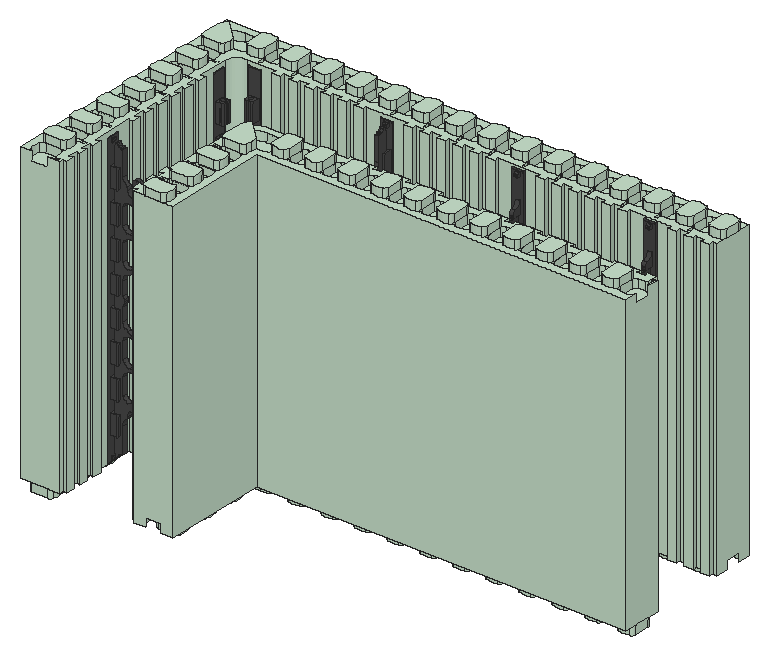
Revit family (continued)
Definition of nested family "NUDURA Logo Diamond"
  Lines and regions (in)
    model lines
      curve 35: line (11.46711, 0, 15.57678) -> (11.82066, 0, 15.22322)
      curve 36: arc (11.3964, 0, 16.00104) -> (11.29388, 0, 15.75355) -> (11.3964, 0, 15.50607) r 0.35
      curve 37: arc (11.46711, 0, 15.93033) -> (11.39388, 0, 15.75355) -> (11.46711, 0, 15.57678) r 0.25
      curve 38: arc (12.52777, 0, 15.93033) -> (12.60099, 0, 15.75355) -> (12.52777, 0, 15.57678) r 0.25
      curve 39: arc (12.17421, 0, 15.22322) -> (11.99744, 0, 15.15) -> (11.82066, 0, 15.22322) r 0.25
      curve 40: arc (11.82066, 0, 16.28388) -> (11.99744, 0, 16.35711) -> (12.17421, 0, 16.28388) r 0.25
      curve 41: arc (12.59848, 0, 16.00104) -> (12.70099, 0, 15.75355) -> (12.59848, 0, 15.50607) r 0.35
      curve 42: line (11.63374, 0, 16.23839) -> (11.3964, 0, 16.00104)
      curve 43: line (12.59848, 0, 16.00104) -> (12.36113, 0, 16.23839)
      curve 44: arc (11.63374, 0, 15.26872) -> (11.74358, 0, 15.00355) -> (11.63374, 0, 14.73839) r 0.375
      curve 45: arc (12.36113, 0, 15.26872) -> (12.2513, 0, 15.00355) -> (12.36113, 0, 14.73839) r 0.375
      curve 46: line (12.36113, 0, 13.76872) -> (12.59848, 0, 14.00607)
      curve 47: line (11.3964, 0, 14.00607) -> (11.63374, 0, 13.76872)
      curve 48: line (11.82066, 0, 14.78388) -> (11.46711, 0, 14.43033)
      curve 49: line (12.52777, 0, 14.43033) -> (12.17421, 0, 14.78388)
      curve 50: line (12.17421, 0, 13.72322) -> (12.52777, 0, 14.07678)
      curve 51: line (11.46711, 0, 14.07678) -> (11.82066, 0, 13.72322)
      curve 52: arc (11.3964, 0, 14.50104) -> (11.29388, 0, 14.25355) -> (11.3964, 0, 14.00607) r 0.35
      curve 53: arc (11.46711, 0, 14.43033) -> (11.39388, 0, 14.25355) -> (11.46711, 0, 14.07678) r 0.25
      curve 54: arc (12.52777, 0, 14.43033) -> (12.60099, 0, 14.25355) -> (12.52777, 0, 14.07678) r 0.25
      curve 55: arc (12.17421, 0, 13.72322) -> (11.99744, 0, 13.65) -> (11.82066, 0, 13.72322) r 0.25
      curve 56: arc (11.82066, 0, 14.78388) -> (11.99744, 0, 14.85711) -> (12.17421, 0, 14.78388) r 0.25
      curve 57: arc (12.59848, 0, 14.50104) -> (12.70099, 0, 14.25355) -> (12.59848, 0, 14.00607) r 0.35
      curve 58: line (11.63374, 0, 14.73839) -> (11.3964, 0, 14.50104)
      curve 59: arc (11.63374, 0, 13.76872) -> (11.74358, 0, 13.50355) -> (11.63374, 0, 13.23839) r 0.375
      curve 60: arc (12.36113, 0, 13.76872) -> (12.2513, 0, 13.50355) -> (12.36113, 0, 13.23839) r 0.375
      curve 61: line (12.78279, 0, 12.81673) -> (12.36113, 0, 13.23839)
      curve 62: line (11.21208, 0, 12.81673) -> (11.28279, 0, 12.74602)
      curve 63: arc (11.82066, 0, 13.28388) -> (11.99744, 0, 13.35711) -> (12.17421, 0, 13.28388) r 0.25
      curve 64: line (12.59848, 0, 0.50607) -> (12.24492, 0, 0.15251)
      curve 65: line (12.36113, 0, 1.23839) -> (12.59848, 0, 1.00104)
      curve 66: line (12.59848, 0, 2.00607) -> (12.36113, 0, 1.76872)
      curve 67: line (12.36113, 0, 2.73839) -> (12.59848, 0, 2.50104)
      curve 68: line (12.59848, 0, 3.50607) -> (12.36113, 0, 3.26872)
      curve 69: line (12.36113, 0, 4.23839) -> (12.59848, 0, 4.00104)
      curve 70: line (12.17421, 0, 4.72322) -> (12.71208, 0, 5.26109)
      curve 71: line (12.71208, 0, 5.26109) -> (12.78279, 0, 5.19038)
      curve 72: line (11.28279, 0, 5.26109) -> (11.82066, 0, 4.72322)
      curve 73: line (11.63374, 0, 4.76872) -> (11.21208, 0, 5.19038)
      curve 74: line (11.3964, 0, 4.00104) -> (11.63374, 0, 4.23839)
      curve 75: line (11.63374, 0, 3.26872) -> (11.3964, 0, 3.50607)
      curve 76: line (11.3964, 0, 2.50104) -> (11.63374, 0, 2.73839)
      curve 77: line (11.63374, 0, 1.76872) -> (11.3964, 0, 2.00607)
      curve 78: line (11.3964, 0, 1.00104) -> (11.63374, 0, 1.23839)
      curve 79: line (11.74995, 0, 0.15251) -> (11.3964, 0, 0.50607)
      curve 80: line (11.82066, 0, 0.22322) -> (11.46711, 0, 0.57678)
      curve 81: line (12.52777, 0, 0.57678) -> (12.17421, 0, 0.22322)
      curve 82: line (12.17421, 0, 1.28388) -> (12.52777, 0, 0.93033)
      curve 83: line (11.46711, 0, 0.93033) -> (11.82066, 0, 1.28388)
      curve 84: arc (11.3964, 0, 0.50607) -> (11.29388, 0, 0.75355) -> (11.3964, 0, 1.00104) r 0.35
      curve 85: arc (11.74995, 0, 0.15251) -> (11.99744, 0, 0.05) -> (12.24492, 0, 0.15251) r 0.35
      curve 86: arc (11.46711, 0, 0.57678) -> (11.39388, 0, 0.75355) -> (11.46711, 0, 0.93033) r 0.25
      curve 87: arc (12.52777, 0, 0.57678) -> (12.60099, 0, 0.75355) -> (12.52777, 0, 0.93033) r 0.25
      curve 88: arc (12.17421, 0, 1.28388) -> (11.99744, 0, 1.35711) -> (11.82066, 0, 1.28388) r 0.25
      curve 89: arc (11.82066, 0, 0.22322) -> (11.99744, 0, 0.15) -> (12.17421, 0, 0.22322) r 0.25
      curve 90: arc (12.59848, 0, 0.50607) -> (12.70099, 0, 0.75355) -> (12.59848, 0, 1.00104) r 0.35
      curve 91: arc (11.63374, 0, 1.23839) -> (11.74358, 0, 1.50355) -> (11.63374, 0, 1.76872) r 0.375
      curve 92: arc (12.36113, 0, 1.23839) -> (12.2513, 0, 1.50355) -> (12.36113, 0, 1.76872) r 0.375
      curve 93: line (12.36113, 0, 2.73839) -> (12.59848, 0, 2.50104)
      curve 94: line (11.3964, 0, 2.50104) -> (11.63374, 0, 2.73839)
      curve 95: line (11.82066, 0, 1.72322) -> (11.46711, 0, 2.07678)
      curve 96: line (12.52777, 0, 2.07678) -> (12.17421, 0, 1.72322)
      curve 97: line (12.17421, 0, 2.78388) -> (12.52777, 0, 2.43033)
      curve 98: line (11.46711, 0, 2.43033) -> (11.82066, 0, 2.78388)
      curve 99: arc (11.3964, 0, 2.00607) -> (11.29388, 0, 2.25355) -> (11.3964, 0, 2.50104) r 0.35
      curve 100: arc (11.46711, 0, 2.07678) -> (11.39388, 0, 2.25355) -> (11.46711, 0, 2.43033) r 0.25
      curve 101: arc (12.52777, 0, 2.07678) -> (12.60099, 0, 2.25355) -> (12.52777, 0, 2.43033) r 0.25
      curve 102: arc (12.17421, 0, 2.78388) -> (11.99744, 0, 2.85711) -> (11.82066, 0, 2.78388) r 0.25
      curve 103: arc (11.82066, 0, 1.72322) -> (11.99744, 0, 1.65) -> (12.17421, 0, 1.72322) r 0.25
      curve 104: arc (12.59848, 0, 2.00607) -> (12.70099, 0, 2.25355) -> (12.59848, 0, 2.50104) r 0.35
      curve 105: line (11.63374, 0, 1.76872) -> (11.3964, 0, 2.00607)
      curve 106: line (12.59848, 0, 2.00607) -> (12.36113, 0, 1.76872)
      curve 107: arc (11.63374, 0, 2.73839) -> (11.74358, 0, 3.00355) -> (11.63374, 0, 3.26872) r 0.375
      curve 108: arc (12.36113, 0, 2.73839) -> (12.2513, 0, 3.00355) -> (12.36113, 0, 3.26872) r 0.375
      curve 109: line (12.36113, 0, 4.23839) -> (12.59848, 0, 4.00104)
      curve 110: line (11.3964, 0, 4.00104) -> (11.63374, 0, 4.23839)
      curve 111: line (11.82066, 0, 3.22322) -> (11.46711, 0, 3.57678)
      curve 112: line (12.52777, 0, 3.57678) -> (12.17421, 0, 3.22322)
      curve 113: line (12.17421, 0, 4.28388) -> (12.52777, 0, 3.93033)
      curve 114: line (11.46711, 0, 3.93033) -> (11.82066, 0, 4.28388)
      curve 115: arc (11.3964, 0, 3.50607) -> (11.29388, 0, 3.75355) -> (11.3964, 0, 4.00104) r 0.35
      curve 116: arc (11.46711, 0, 3.57678) -> (11.39388, 0, 3.75355) -> (11.46711, 0, 3.93033) r 0.25
      curve 117: arc (12.52777, 0, 3.57678) -> (12.60099, 0, 3.75355) -> (12.52777, 0, 3.93033) r 0.25
      curve 118: arc (12.17421, 0, 4.28388) -> (11.99744, 0, 4.35711) -> (11.82066, 0, 4.28388) r 0.25
      curve 119: arc (11.82066, 0, 3.22322) -> (11.99744, 0, 3.15) -> (12.17421, 0, 3.22322) r 0.25
      curve 120: arc (12.59848, 0, 3.50607) -> (12.70099, 0, 3.75355) -> (12.59848, 0, 4.00104) r 0.35
      curve 121: line (11.63374, 0, 3.26872) -> (11.3964, 0, 3.50607)
      curve 122: arc (11.63374, 0, 4.23839) -> (11.74358, 0, 4.50355) -> (11.63374, 0, 4.76872) r 0.375
      curve 123: arc (12.36113, 0, 4.23839) -> (12.2513, 0, 4.50355) -> (12.36113, 0, 4.76872) r 0.375
      curve 124: line (12.78279, 0, 5.19038) -> (12.36113, 0, 4.76872)
      curve 125: line (11.21208, 0, 5.19038) -> (11.28279, 0, 5.26109)
      curve 126: arc (11.82066, 0, 4.72322) -> (11.99744, 0, 4.65) -> (12.17421, 0, 4.72322) r 0.25
      curve 127: line (12.37244, 0, 12.50355) -> (11.62244, 0, 12.50355)
      curve 128: line (12.74744, 0, 5.87855) -> (12.74744, 0, 12.12855)
      curve 129: line (11.24744, 0, 12.12855) -> (11.24744, 0, 5.87855)
      curve 130: line (11.62244, 0, 5.50355) -> (12.37244, 0, 5.50355)
      curve 131: line (12.47232, 0, 12.00355) -> (12.0393, 0, 12.25355)
      curve 132: line (12.47232, 0, 11.50355) -> (12.47232, 0, 12.00355)
      curve 133: line (12.25581, 0, 11.37855) -> (12.47232, 0, 11.50355)
      curve 134: line (12.02256, 0, 11.51322) -> (12.25581, 0, 11.37855)
      curve 135: line (12.22232, 0, 11.62855) -> (12.02256, 0, 11.51322)
      curve 136: line (11.80605, 0, 12.11888) -> (12.22232, 0, 11.87855)
      curve 137: line (12.22232, 0, 11.87855) -> (12.22232, 0, 11.62855)
      curve 138: line (12.0393, 0, 12.25355) -> (11.80605, 0, 12.11888)
      curve 139: line (11.77256, 0, 11.63822) -> (11.97232, 0, 11.75355)
      curve 140: line (11.97232, 0, 11.75355) -> (11.73906, 0, 11.88822)
      curve 141: line (11.73906, 0, 11.88822) -> (11.52256, 0, 11.76322)
      curve 142: line (11.52256, 0, 11.76322) -> (11.52256, 0, 11.26322)
      curve 143: line (11.77256, 0, 11.38822) -> (11.77256, 0, 11.63822)
      curve 144: line (12.18882, 0, 11.14789) -> (11.77256, 0, 11.38822)
      curve 145: line (11.95557, 0, 11.01322) -> (12.18882, 0, 11.14789)
      curve 146: line (11.52256, 0, 11.26322) -> (11.95557, 0, 11.01322)
      curve 147: line (12.31108, 0, 10.60411) -> (11.68379, 0, 10.74458)
      curve 148: line (11.68379, 0, 10.74458) -> (11.68379, 0, 10.51321)
      curve 149: line (11.68379, 0, 10.51321) -> (12.1295, 0, 10.41405)
      curve 150: line (12.1295, 0, 10.41405) -> (11.68379, 0, 10.27358)
      curve 151: line (11.68379, 0, 10.27358) -> (11.68379, 0, 9.8852)
      curve 152: line (11.68379, 0, 9.8852) -> (12.17077, 0, 9.77615)
      curve 153: line (12.17077, 0, 9.77615) -> (12.17077, 0, 9.74472)
      curve 154: line (12.17077, 0, 9.74472) -> (11.86146, 0, 9.80279)
      curve 155: line (11.68379, 0, 9.65536) -> (11.68379, 0, 9.35864)
      curve 156: line (12.07077, 0, 8.74385) -> (12.07077, 0, 8.99996)
      curve 157: line (12.07077, 0, 8.99996) -> (11.68379, 0, 9.08605)
      curve 158: line (11.68379, 0, 9.08605) -> (11.68379, 0, 8.47809)
      curve 159: line (11.91823, 0, 9.06589) -> (12.31108, 0, 8.97792)
      curve 160: line (11.82444, 0, 8.55476) -> (11.82444, 0, 8.79865)
      curve 161: line (11.82444, 0, 8.79865) -> (12.07077, 0, 8.74385)
      curve 162: line (11.68379, 0, 8.07193) -> (11.68379, 0, 7.77522)
      curve 163: line (11.91823, 0, 7.48247) -> (12.21108, 0, 7.41688)
      curve 164: line (12.21108, 0, 7.41688) -> (12.21108, 0, 6.95405)
      curve 165: line (12.16108, 0, 6.90405) -> (12.12077, 0, 6.90405)
      curve 166: line (12.07077, 0, 6.95405) -> (12.07077, 0, 7.08675)
      curve 167: line (12.07077, 0, 7.08675) -> (12.12077, 0, 7.07556)
      curve 168: line (12.12077, 0, 7.07556) -> (12.12077, 0, 7.33463)
      curve 169: line (12.12077, 0, 7.33463) -> (11.68379, 0, 7.43249)
      curve 170: line (11.68379, 0, 7.43249) -> (11.68379, 0, 7.17341)
      curve 171: line (11.68379, 0, 7.17341) -> (11.97077, 0, 7.10915)
      curve 172: line (11.97077, 0, 7.10915) -> (11.97077, 0, 6.99425)
      curve 173: line (11.92077, 0, 6.94425) -> (11.68379, 0, 6.94425)
      curve 174: line (11.68379, 0, 6.94425) -> (11.68379, 0, 6.45682)
      curve 175: line (11.68379, 0, 6.45682) -> (11.78284, 0, 6.38658)
      curve 176: line (11.78284, 0, 6.38658) -> (11.78284, 0, 6.05178)
      curve 177: line (12.12371, 0, 6.14486) -> (11.88284, 0, 6.31567)
      curve 178: line (11.88284, 0, 6.31567) -> (11.88284, 0, 6.07909)
      curve 179: line (11.88284, 0, 6.07909) -> (12.12371, 0, 6.14486)
      curve 180: line (11.78284, 0, 6.05178) -> (11.68379, 0, 6.02474)
      curve 181: line (11.68379, 0, 6.02474) -> (11.68379, 0, 5.75355)
      curve 182: line (11.68379, 0, 5.75355) -> (12.31108, 0, 5.92483)
      curve 183: line (12.31108, 0, 5.92483) -> (12.31108, 0, 6.28791)
      curve 184: line (12.31108, 0, 6.28791) -> (11.76249, 0, 6.67694)
      curve 185: line (11.76249, 0, 6.67694) -> (11.90321, 0, 6.67694)
      curve 186: line (12.31108, 0, 6.78674) -> (12.31108, 0, 7.63562)
      curve 187: line (12.31108, 0, 7.63562) -> (11.90258, 0, 7.7271)
      curve 188: line (11.82444, 0, 7.82469) -> (11.82444, 0, 7.92839)
      curve 189: line (11.88536, 0, 7.97718) -> (12.31108, 0, 7.88185)
      curve 190: line (12.31108, 0, 7.88185) -> (12.31108, 0, 8.13496)
      curve 191: line (12.31108, 0, 8.13496) -> (12.08042, 0, 8.17826)
      curve 192: line (12.31108, 0, 8.38353) -> (12.31108, 0, 8.9465)
      curve 193: line (12.31108, 0, 8.9465) -> (12.17077, 0, 8.97771)
      curve 194: line (12.17077, 0, 8.97771) -> (12.17077, 0, 8.55476)
      curve 195: line (12.31108, 0, 8.97792) -> (12.31108, 0, 9.21905)
      curve 196: line (12.31108, 0, 9.21905) -> (11.90258, 0, 9.31053)
      curve 197: line (11.82444, 0, 9.40811) -> (11.82444, 0, 9.51182)
      curve 198: line (11.87938, 0, 9.56195) -> (12.31108, 0, 9.46528)
      curve 199: line (12.31108, 0, 9.46528) -> (12.31108, 0, 9.98469)
      curve 200: line (12.31108, 0, 9.98469) -> (11.90664, 0, 10.07526)
      curve 201: line (11.90664, 0, 10.07526) -> (12.31108, 0, 10.20747)
      curve 202: line (12.31108, 0, 10.20747) -> (12.31108, 0, 10.60411)
      curve 203: arc (11.68379, 0, 9.65536) -> (11.73801, 0, 9.7708) -> (11.86146, 0, 9.80279) r 0.15
      curve 204: arc (11.68379, 0, 9.35864) -> (11.74962, 0, 9.17112) -> (11.91823, 0, 9.06589) r 0.3
      curve 205: arc (11.84417, 0, 8.22149) -> (11.72718, 0, 8.32679) -> (11.68379, 0, 8.47809) r 0.28547
      curve 206: arc (11.68379, 0, 8.07193) -> (11.73147, 0, 8.18158) -> (11.84417, 0, 8.22149) r 0.14992
      curve 207: arc (11.68379, 0, 7.77522) -> (11.74962, 0, 7.58769) -> (11.91823, 0, 7.48247) r 0.3
      curve 208: arc (11.82444, 0, 7.82469) -> (11.84638, 0, 7.76218) -> (11.90258, 0, 7.7271) r 0.1
      curve 209: arc (11.82444, 0, 7.92839) -> (11.84318, 0, 7.96742) -> (11.88536, 0, 7.97718) r 0.05
      curve 210: arc (12.12077, 0, 6.90405) -> (12.08541, 0, 6.91869) -> (12.07077, 0, 6.95405) r 0.05
      curve 211: arc (12.16108, 0, 6.90405) -> (12.19644, 0, 6.91869) -> (12.21108, 0, 6.95405) r 0.05
      curve 212: arc (11.97077, 0, 6.99425) -> (11.95612, 0, 6.95889) -> (11.92077, 0, 6.94425) r 0.05
      curve 213: arc (11.90321, 0, 6.67694) -> (11.96756, 0, 6.70069) -> (12.00104, 0, 6.76055) r 0.09904
      curve 214: arc (12.00104, 0, 6.76055) -> (12.1681, 0, 6.63117) -> (12.31108, 0, 6.78674) r 0.15613
      curve 215: arc (12.08042, 0, 8.17826) -> (12.24181, 0, 8.22914) -> (12.31108, 0, 8.38353) r 0.20667
      curve 216: arc (11.82444, 0, 8.55476) -> (11.9976, 0, 8.3816) -> (12.17077, 0, 8.55476) r 0.17317
      curve 217: arc (11.82444, 0, 9.40811) -> (11.84638, 0, 9.34561) -> (11.90258, 0, 9.31053) r 0.1
      curve 218: arc (11.82444, 0, 9.51182) -> (11.8459, 0, 9.55306) -> (11.892, 0, 9.55913) r 0.05034
      curve 219: arc (11.24744, 0, 12.12855) -> (11.35727, 0, 12.39372) -> (11.62244, 0, 12.50355) r 0.375
      curve 220: arc (12.37244, 0, 12.50355) -> (12.6376, 0, 12.39372) -> (12.74744, 0, 12.12855) r 0.375
      curve 221: arc (11.24744, 0, 5.87855) -> (11.35727, 0, 5.61339) -> (11.62244, 0, 5.50355) r 0.375
      curve 222: arc (12.37244, 0, 5.50355) -> (12.6376, 0, 5.61339) -> (12.74744, 0, 5.87855) r 0.375
      curve 223: line (9.99744, 0, 18) -> (9.99744, 0, 0)
      curve 224: line (13.99744, 0, 18) -> (13.99744, 0, 0)
      curve 225: line (15.99744, 0, 18) -> (15.99744, 0, 0)
Definition of nested family "NUDURA Logo Diamond Missing Outside Line"
  Reference planes (in)
    plane 1 "Center (Front/Back)": y = 0
    plane 2: z = 0
    plane 3 "Center (Left/Right)": x = 0
  Lines and regions (in)
    model lines
      curve 1: line (12.59848, 0, 17.50104) -> (12.24492, 0, 17.85459)
      curve 2: line (12.36113, 0, 16.76872) -> (12.59848, 0, 17.00607)
      curve 3: line (12.59848, 0, 16.00104) -> (12.36113, 0, 16.23839)
      curve 4: line (12.36113, 0, 15.26872) -> (12.59848, 0, 15.50607)
      curve 5: line (12.59848, 0, 14.50104) -> (12.36113, 0, 14.73839)
      curve 6: line (12.36113, 0, 13.76872) -> (12.59848, 0, 14.00607)
      curve 7: line (12.17421, 0, 13.28388) -> (12.71208, 0, 12.74602)
      curve 8: line (12.71208, 0, 12.74602) -> (12.78279, 0, 12.81673)
      curve 9: line (11.28279, 0, 12.74602) -> (11.82066, 0, 13.28388)
      curve 10: line (11.63374, 0, 13.23839) -> (11.21208, 0, 12.81673)
      curve 11: line (11.3964, 0, 14.00607) -> (11.63374, 0, 13.76872)
      curve 12: line (11.63374, 0, 14.73839) -> (11.3964, 0, 14.50104)
      curve 13: line (11.3964, 0, 15.50607) -> (11.63374, 0, 15.26872)
      curve 14: line (11.63374, 0, 16.23839) -> (11.3964, 0, 16.00104)
      curve 15: line (11.3964, 0, 17.00607) -> (11.63374, 0, 16.76872)
      curve 16: line (11.74995, 0, 17.85459) -> (11.3964, 0, 17.50104)
      curve 17: line (11.82066, 0, 17.78388) -> (11.46711, 0, 17.43033)
      curve 18: line (12.52777, 0, 17.43033) -> (12.17421, 0, 17.78388)
      curve 19: line (12.17421, 0, 16.72322) -> (12.52777, 0, 17.07678)
      curve 20: line (11.46711, 0, 17.07678) -> (11.82066, 0, 16.72322)
      curve 21: arc (11.3964, 0, 17.50104) -> (11.29388, 0, 17.25355) -> (11.3964, 0, 17.00607) r 0.35
      curve 22: arc (11.74995, 0, 17.85459) -> (11.99744, 0, 17.95711) -> (12.24492, 0, 17.85459) r 0.35
      curve 23: arc (11.46711, 0, 17.43033) -> (11.39388, 0, 17.25355) -> (11.46711, 0, 17.07678) r 0.25
      curve 24: arc (12.52777, 0, 17.43033) -> (12.60099, 0, 17.25355) -> (12.52777, 0, 17.07678) r 0.25
      curve 25: arc (12.17421, 0, 16.72322) -> (11.99744, 0, 16.65) -> (11.82066, 0, 16.72322) r 0.25
      curve 26: arc (11.82066, 0, 17.78388) -> (11.99744, 0, 17.85711) -> (12.17421, 0, 17.78388) r 0.25
      curve 27: arc (12.59848, 0, 17.50104) -> (12.70099, 0, 17.25355) -> (12.59848, 0, 17.00607) r 0.35
      curve 28: arc (11.63374, 0, 16.76872) -> (11.74358, 0, 16.50355) -> (11.63374, 0, 16.23839) r 0.375
      curve 29: arc (12.36113, 0, 16.76872) -> (12.2513, 0, 16.50355) -> (12.36113, 0, 16.23839) r 0.375
      curve 30: line (12.36113, 0, 15.26872) -> (12.59848, 0, 15.50607)
      curve 31: line (11.3964, 0, 15.50607) -> (11.63374, 0, 15.26872)
      curve 32: line (11.82066, 0, 16.28388) -> (11.46711, 0, 15.93033)
      curve 33: line (12.52777, 0, 15.93033) -> (12.17421, 0, 16.28388)
      curve 34: line (12.17421, 0, 15.22322) -> (12.52777, 0, 15.57678)
      curve 35: line (11.46711, 0, 15.57678) -> (11.82066, 0, 15.22322)
      curve 36: arc (11.3964, 0, 16.00104) -> (11.29388, 0, 15.75355) -> (11.3964, 0, 15.50607) r 0.35
      curve 37: arc (11.46711, 0, 15.93033) -> (11.39388, 0, 15.75355) -> (11.46711, 0, 15.57678) r 0.25
      curve 38: arc (12.52777, 0, 15.93033) -> (12.60099, 0, 15.75355) -> (12.52777, 0, 15.57678) r 0.25
      curve 39: arc (12.17421, 0, 15.22322) -> (11.99744, 0, 15.15) -> (11.82066, 0, 15.22322) r 0.25
      curve 40: arc (11.82066, 0, 16.28388) -> (11.99744, 0, 16.35711) -> (12.17421, 0, 16.28388) r 0.25
      curve 41: arc (12.59848, 0, 16.00104) -> (12.70099, 0, 15.75355) -> (12.59848, 0, 15.50607) r 0.35
      curve 42: line (11.63374, 0, 16.23839) -> (11.3964, 0, 16.00104)
      curve 43: line (12.59848, 0, 16.00104) -> (12.36113, 0, 16.23839)
      curve 44: arc (11.63374, 0, 15.26872) -> (11.74358, 0, 15.00355) -> (11.63374, 0, 14.73839) r 0.375
      curve 45: arc (12.36113, 0, 15.26872) -> (12.2513, 0, 15.00355) -> (12.36113, 0, 14.73839) r 0.375
      curve 46: line (12.36113, 0, 13.76872) -> (12.59848, 0, 14.00607)
      curve 47: line (11.3964, 0, 14.00607) -> (11.63374, 0, 13.76872)
      curve 48: line (11.82066, 0, 14.78388) -> (11.46711, 0, 14.43033)
      curve 49: line (12.52777, 0, 14.43033) -> (12.17421, 0, 14.78388)
      curve 50: line (12.17421, 0, 13.72322) -> (12.52777, 0, 14.07678)
      curve 51: line (11.46711, 0, 14.07678) -> (11.82066, 0, 13.72322)
      curve 52: arc (11.3964, 0, 14.50104) -> (11.29388, 0, 14.25355) -> (11.3964, 0, 14.00607) r 0.35
      curve 53: arc (11.46711, 0, 14.43033) -> (11.39388, 0, 14.25355) -> (11.46711, 0, 14.07678) r 0.25
      curve 54: arc (12.52777, 0, 14.43033) -> (12.60099, 0, 14.25355) -> (12.52777, 0, 14.07678) r 0.25
      curve 55: arc (12.17421, 0, 13.72322) -> (11.99744, 0, 13.65) -> (11.82066, 0, 13.72322) r 0.25
      curve 56: arc (11.82066, 0, 14.78388) -> (11.99744, 0, 14.85711) -> (12.17421, 0, 14.78388) r 0.25
      curve 57: arc (12.59848, 0, 14.50104) -> (12.70099, 0, 14.25355) -> (12.59848, 0, 14.00607) r 0.35
      curve 58: line (11.63374, 0, 14.73839) -> (11.3964, 0, 14.50104)
      curve 59: arc (11.63374, 0, 13.76872) -> (11.74358, 0, 13.50355) -> (11.63374, 0, 13.23839) r 0.375
      curve 60: arc (12.36113, 0, 13.76872) -> (12.2513, 0, 13.50355) -> (12.36113, 0, 13.23839) r 0.375
      curve 61: line (12.78279, 0, 12.81673) -> (12.36113, 0, 13.23839)
      curve 62: line (11.21208, 0, 12.81673) -> (11.28279, 0, 12.74602)
      curve 63: arc (11.82066, 0, 13.28388) -> (11.99744, 0, 13.35711) -> (12.17421, 0, 13.28388) r 0.25
      curve 64: line (12.59848, 0, 0.50607) -> (12.24492, 0, 0.15251)
      curve 65: line (12.36113, 0, 1.23839) -> (12.59848, 0, 1.00104)
      curve 66: line (12.59848, 0, 2.00607) -> (12.36113, 0, 1.76872)
      curve 67: line (12.36113, 0, 2.73839) -> (12.59848, 0, 2.50104)
      curve 68: line (12.59848, 0, 3.50607) -> (12.36113, 0, 3.26872)
      curve 69: line (12.36113, 0, 4.23839) -> (12.59848, 0, 4.00104)
      curve 70: line (12.17421, 0, 4.72322) -> (12.71208, 0, 5.26109)
      curve 71: line (12.71208, 0, 5.26109) -> (12.78279, 0, 5.19038)
      curve 72: line (11.28279, 0, 5.26109) -> (11.82066, 0, 4.72322)
      curve 73: line (11.63374, 0, 4.76872) -> (11.21208, 0, 5.19038)
      curve 74: line (11.3964, 0, 4.00104) -> (11.63374, 0, 4.23839)
      curve 75: line (11.63374, 0, 3.26872) -> (11.3964, 0, 3.50607)
      curve 76: line (11.3964, 0, 2.50104) -> (11.63374, 0, 2.73839)
      curve 77: line (11.63374, 0, 1.76872) -> (11.3964, 0, 2.00607)
      curve 78: line (11.3964, 0, 1.00104) -> (11.63374, 0, 1.23839)
      curve 79: line (11.74995, 0, 0.15251) -> (11.3964, 0, 0.50607)
      curve 80: line (11.82066, 0, 0.22322) -> (11.46711, 0, 0.57678)
      curve 81: line (12.52777, 0, 0.57678) -> (12.17421, 0, 0.22322)
      curve 82: line (12.17421, 0, 1.28388) -> (12.52777, 0, 0.93033)
      curve 83: line (11.46711, 0, 0.93033) -> (11.82066, 0, 1.28388)
      curve 84: arc (11.3964, 0, 0.50607) -> (11.29388, 0, 0.75355) -> (11.3964, 0, 1.00104) r 0.35
      curve 85: arc (11.74995, 0, 0.15251) -> (11.99744, 0, 0.05) -> (12.24492, 0, 0.15251) r 0.35
      curve 86: arc (11.46711, 0, 0.57678) -> (11.39388, 0, 0.75355) -> (11.46711, 0, 0.93033) r 0.25
      curve 87: arc (12.52777, 0, 0.57678) -> (12.60099, 0, 0.75355) -> (12.52777, 0, 0.93033) r 0.25
      curve 88: arc (12.17421, 0, 1.28388) -> (11.99744, 0, 1.35711) -> (11.82066, 0, 1.28388) r 0.25
      curve 89: arc (11.82066, 0, 0.22322) -> (11.99744, 0, 0.15) -> (12.17421, 0, 0.22322) r 0.25
      curve 90: arc (12.59848, 0, 0.50607) -> (12.70099, 0, 0.75355) -> (12.59848, 0, 1.00104) r 0.35
      curve 91: arc (11.63374, 0, 1.23839) -> (11.74358, 0, 1.50355) -> (11.63374, 0, 1.76872) r 0.375
      curve 92: arc (12.36113, 0, 1.23839) -> (12.2513, 0, 1.50355) -> (12.36113, 0, 1.76872) r 0.375
      curve 93: line (12.36113, 0, 2.73839) -> (12.59848, 0, 2.50104)
      curve 94: line (11.3964, 0, 2.50104) -> (11.63374, 0, 2.73839)
      curve 95: line (11.82066, 0, 1.72322) -> (11.46711, 0, 2.07678)
      curve 96: line (12.52777, 0, 2.07678) -> (12.17421, 0, 1.72322)
      curve 97: line (12.17421, 0, 2.78388) -> (12.52777, 0, 2.43033)
      curve 98: line (11.46711, 0, 2.43033) -> (11.82066, 0, 2.78388)
      curve 99: arc (11.3964, 0, 2.00607) -> (11.29388, 0, 2.25355) -> (11.3964, 0, 2.50104) r 0.35
      curve 100: arc (11.46711, 0, 2.07678) -> (11.39388, 0, 2.25355) -> (11.46711, 0, 2.43033) r 0.25
      curve 101: arc (12.52777, 0, 2.07678) -> (12.60099, 0, 2.25355) -> (12.52777, 0, 2.43033) r 0.25
      curve 102: arc (12.17421, 0, 2.78388) -> (11.99744, 0, 2.85711) -> (11.82066, 0, 2.78388) r 0.25
      curve 103: arc (11.82066, 0, 1.72322) -> (11.99744, 0, 1.65) -> (12.17421, 0, 1.72322) r 0.25
      curve 104: arc (12.59848, 0, 2.00607) -> (12.70099, 0, 2.25355) -> (12.59848, 0, 2.50104) r 0.35
      curve 105: line (11.63374, 0, 1.76872) -> (11.3964, 0, 2.00607)
      curve 106: line (12.59848, 0, 2.00607) -> (12.36113, 0, 1.76872)
      curve 107: arc (11.63374, 0, 2.73839) -> (11.74358, 0, 3.00355) -> (11.63374, 0, 3.26872) r 0.375
      curve 108: arc (12.36113, 0, 2.73839) -> (12.2513, 0, 3.00355) -> (12.36113, 0, 3.26872) r 0.375
      curve 109: line (12.36113, 0, 4.23839) -> (12.59848, 0, 4.00104)
      curve 110: line (11.3964, 0, 4.00104) -> (11.63374, 0, 4.23839)
      curve 111: line (11.82066, 0, 3.22322) -> (11.46711, 0, 3.57678)
      curve 112: line (12.52777, 0, 3.57678) -> (12.17421, 0, 3.22322)
      curve 113: line (12.17421, 0, 4.28388) -> (12.52777, 0, 3.93033)
      curve 114: line (11.46711, 0, 3.93033) -> (11.82066, 0, 4.28388)
      curve 115: arc (11.3964, 0, 3.50607) -> (11.29388, 0, 3.75355) -> (11.3964, 0, 4.00104) r 0.35
      curve 116: arc (11.46711, 0, 3.57678) -> (11.39388, 0, 3.75355) -> (11.46711, 0, 3.93033) r 0.25
      curve 117: arc (12.52777, 0, 3.57678) -> (12.60099, 0, 3.75355) -> (12.52777, 0, 3.93033) r 0.25
      curve 118: arc (12.17421, 0, 4.28388) -> (11.99744, 0, 4.35711) -> (11.82066, 0, 4.28388) r 0.25
      curve 119: arc (11.82066, 0, 3.22322) -> (11.99744, 0, 3.15) -> (12.17421, 0, 3.22322) r 0.25
      curve 120: arc (12.59848, 0, 3.50607) -> (12.70099, 0, 3.75355) -> (12.59848, 0, 4.00104) r 0.35
      curve 121: line (11.63374, 0, 3.26872) -> (11.3964, 0, 3.50607)
      curve 122: arc (11.63374, 0, 4.23839) -> (11.74358, 0, 4.50355) -> (11.63374, 0, 4.76872) r 0.375
      curve 123: arc (12.36113, 0, 4.23839) -> (12.2513, 0, 4.50355) -> (12.36113, 0, 4.76872) r 0.375
      curve 124: line (12.78279, 0, 5.19038) -> (12.36113, 0, 4.76872)
      curve 125: line (11.21208, 0, 5.19038) -> (11.28279, 0, 5.26109)
      curve 126: arc (11.82066, 0, 4.72322) -> (11.99744, 0, 4.65) -> (12.17421, 0, 4.72322) r 0.25
      curve 127: line (12.37244, 0, 12.50355) -> (11.62244, 0, 12.50355)
      curve 128: line (12.74744, 0, 5.87855) -> (12.74744, 0, 12.12855)
      curve 129: line (11.24744, 0, 12.12855) -> (11.24744, 0, 5.87855)
      curve 130: line (11.62244, 0, 5.50355) -> (12.37244, 0, 5.50355)
      curve 131: line (12.47232, 0, 12.00355) -> (12.0393, 0, 12.25355)
      curve 132: line (12.47232, 0, 11.50355) -> (12.47232, 0, 12.00355)
      curve 133: line (12.25581, 0, 11.37855) -> (12.47232, 0, 11.50355)
      curve 134: line (12.02256, 0, 11.51322) -> (12.25581, 0, 11.37855)
      curve 135: line (12.22232, 0, 11.62855) -> (12.02256, 0, 11.51322)
      curve 136: line (11.80605, 0, 12.11888) -> (12.22232, 0, 11.87855)
      curve 137: line (12.22232, 0, 11.87855) -> (12.22232, 0, 11.62855)
      curve 138: line (12.0393, 0, 12.25355) -> (11.80605, 0, 12.11888)
      curve 139: line (11.77256, 0, 11.63822) -> (11.97232, 0, 11.75355)
      curve 140: line (11.97232, 0, 11.75355) -> (11.73906, 0, 11.88822)
      curve 141: line (11.73906, 0, 11.88822) -> (11.52256, 0, 11.76322)
      curve 142: line (11.52256, 0, 11.76322) -> (11.52256, 0, 11.26322)
      curve 143: line (11.77256, 0, 11.38822) -> (11.77256, 0, 11.63822)
      curve 144: line (12.18882, 0, 11.14789) -> (11.77256, 0, 11.38822)
      curve 145: line (11.95557, 0, 11.01322) -> (12.18882, 0, 11.14789)
      curve 146: line (11.52256, 0, 11.26322) -> (11.95557, 0, 11.01322)
      curve 147: line (12.31108, 0, 10.60411) -> (11.68379, 0, 10.74458)
      curve 148: line (11.68379, 0, 10.74458) -> (11.68379, 0, 10.51321)
      curve 149: line (11.68379, 0, 10.51321) -> (12.1295, 0, 10.41405)
      curve 150: line (12.1295, 0, 10.41405) -> (11.68379, 0, 10.27358)
      curve 151: line (11.68379, 0, 10.27358) -> (11.68379, 0, 9.8852)
      curve 152: line (11.68379, 0, 9.8852) -> (12.17077, 0, 9.77615)
      curve 153: line (12.17077, 0, 9.77615) -> (12.17077, 0, 9.74472)
      curve 154: line (12.17077, 0, 9.74472) -> (11.86146, 0, 9.80279)
      curve 155: line (11.68379, 0, 9.65536) -> (11.68379, 0, 9.35864)
      curve 156: line (12.07077, 0, 8.74385) -> (12.07077, 0, 8.99996)
      curve 157: line (12.07077, 0, 8.99996) -> (11.68379, 0, 9.08605)
      curve 158: line (11.68379, 0, 9.08605) -> (11.68379, 0, 8.47809)
      curve 159: line (11.91823, 0, 9.06589) -> (12.31108, 0, 8.97792)
      curve 160: line (11.82444, 0, 8.55476) -> (11.82444, 0, 8.79865)
      curve 161: line (11.82444, 0, 8.79865) -> (12.07077, 0, 8.74385)
      curve 162: line (11.68379, 0, 8.07193) -> (11.68379, 0, 7.77522)
      curve 163: line (11.91823, 0, 7.48247) -> (12.21108, 0, 7.41688)
      curve 164: line (12.21108, 0, 7.41688) -> (12.21108, 0, 6.95405)
      curve 165: line (12.16108, 0, 6.90405) -> (12.12077, 0, 6.90405)
      curve 166: line (12.07077, 0, 6.95405) -> (12.07077, 0, 7.08675)
      curve 167: line (12.07077, 0, 7.08675) -> (12.12077, 0, 7.07556)
      curve 168: line (12.12077, 0, 7.07556) -> (12.12077, 0, 7.33463)
      curve 169: line (12.12077, 0, 7.33463) -> (11.68379, 0, 7.43249)
      curve 170: line (11.68379, 0, 7.43249) -> (11.68379, 0, 7.17341)
      curve 171: line (11.68379, 0, 7.17341) -> (11.97077, 0, 7.10915)
      curve 172: line (11.97077, 0, 7.10915) -> (11.97077, 0, 6.99425)
      curve 173: line (11.92077, 0, 6.94425) -> (11.68379, 0, 6.94425)
      curve 174: line (11.68379, 0, 6.94425) -> (11.68379, 0, 6.45682)
      curve 175: line (11.68379, 0, 6.45682) -> (11.78284, 0, 6.38658)
      curve 176: line (11.78284, 0, 6.38658) -> (11.78284, 0, 6.05178)
      curve 177: line (12.12371, 0, 6.14486) -> (11.88284, 0, 6.31567)
      curve 178: line (11.88284, 0, 6.31567) -> (11.88284, 0, 6.07909)
      curve 179: line (11.88284, 0, 6.07909) -> (12.12371, 0, 6.14486)
      curve 180: line (11.78284, 0, 6.05178) -> (11.68379, 0, 6.02474)
      curve 181: line (11.68379, 0, 6.02474) -> (11.68379, 0, 5.75355)
      curve 182: line (11.68379, 0, 5.75355) -> (12.31108, 0, 5.92483)
      curve 183: line (12.31108, 0, 5.92483) -> (12.31108, 0, 6.28791)
      curve 184: line (12.31108, 0, 6.28791) -> (11.76249, 0, 6.67694)
      curve 185: line (11.76249, 0, 6.67694) -> (11.90321, 0, 6.67694)
      curve 186: line (12.31108, 0, 6.78674) -> (12.31108, 0, 7.63562)
      curve 187: line (12.31108, 0, 7.63562) -> (11.90258, 0, 7.7271)
      curve 188: line (11.82444, 0, 7.82469) -> (11.82444, 0, 7.92839)
      curve 189: line (11.88536, 0, 7.97718) -> (12.31108, 0, 7.88185)
      curve 190: line (12.31108, 0, 7.88185) -> (12.31108, 0, 8.13496)
      curve 191: line (12.31108, 0, 8.13496) -> (12.08042, 0, 8.17826)
      curve 192: line (12.31108, 0, 8.38353) -> (12.31108, 0, 8.9465)
      curve 193: line (12.31108, 0, 8.9465) -> (12.17077, 0, 8.97771)
      curve 194: line (12.17077, 0, 8.97771) -> (12.17077, 0, 8.55476)
      curve 195: line (12.31108, 0, 8.97792) -> (12.31108, 0, 9.21905)
      curve 196: line (12.31108, 0, 9.21905) -> (11.90258, 0, 9.31053)
      curve 197: line (11.82444, 0, 9.40811) -> (11.82444, 0, 9.51182)
      curve 198: line (11.87938, 0, 9.56195) -> (12.31108, 0, 9.46528)
      curve 199: line (12.31108, 0, 9.46528) -> (12.31108, 0, 9.98469)
      curve 200: line (12.31108, 0, 9.98469) -> (11.90664, 0, 10.07526)
      curve 201: line (11.90664, 0, 10.07526) -> (12.31108, 0, 10.20747)
      curve 202: line (12.31108, 0, 10.20747) -> (12.31108, 0, 10.60411)
      curve 203: arc (11.68379, 0, 9.65536) -> (11.73801, 0, 9.7708) -> (11.86146, 0, 9.80279) r 0.15
      curve 204: arc (11.68379, 0, 9.35864) -> (11.74962, 0, 9.17112) -> (11.91823, 0, 9.06589) r 0.3
      curve 205: arc (11.84417, 0, 8.22149) -> (11.72718, 0, 8.32679) -> (11.68379, 0, 8.47809) r 0.28547
      curve 206: arc (11.68379, 0, 8.07193) -> (11.73147, 0, 8.18158) -> (11.84417, 0, 8.22149) r 0.14992
      curve 207: arc (11.68379, 0, 7.77522) -> (11.74962, 0, 7.58769) -> (11.91823, 0, 7.48247) r 0.3
      curve 208: arc (11.82444, 0, 7.82469) -> (11.84638, 0, 7.76218) -> (11.90258, 0, 7.7271) r 0.1
      curve 209: arc (11.82444, 0, 7.92839) -> (11.84318, 0, 7.96742) -> (11.88536, 0, 7.97718) r 0.05
      curve 210: arc (12.12077, 0, 6.90405) -> (12.08541, 0, 6.91869) -> (12.07077, 0, 6.95405) r 0.05
      curve 211: arc (12.16108, 0, 6.90405) -> (12.19644, 0, 6.91869) -> (12.21108, 0, 6.95405) r 0.05
      curve 212: arc (11.97077, 0, 6.99425) -> (11.95612, 0, 6.95889) -> (11.92077, 0, 6.94425) r 0.05
      curve 213: arc (11.90321, 0, 6.67694) -> (11.96756, 0, 6.70069) -> (12.00104, 0, 6.76055) r 0.09904
      curve 214: arc (12.00104, 0, 6.76055) -> (12.1681, 0, 6.63117) -> (12.31108, 0, 6.78674) r 0.15613
      curve 215: arc (12.08042, 0, 8.17826) -> (12.24181, 0, 8.22914) -> (12.31108, 0, 8.38353) r 0.20667
      curve 216: arc (11.82444, 0, 8.55476) -> (11.9976, 0, 8.3816) -> (12.17077, 0, 8.55476) r 0.17317
      curve 217: arc (11.82444, 0, 9.40811) -> (11.84638, 0, 9.34561) -> (11.90258, 0, 9.31053) r 0.1
      curve 218: arc (11.82444, 0, 9.51182) -> (11.8459, 0, 9.55306) -> (11.892, 0, 9.55913) r 0.05034
      curve 219: arc (11.24744, 0, 12.12855) -> (11.35727, 0, 12.39372) -> (11.62244, 0, 12.50355) r 0.375
      curve 220: arc (12.37244, 0, 12.50355) -> (12.6376, 0, 12.39372) -> (12.74744, 0, 12.12855) r 0.375
      curve 221: arc (11.24744, 0, 5.87855) -> (11.35727, 0, 5.61339) -> (11.62244, 0, 5.50355) r 0.375
      curve 222: arc (12.37244, 0, 5.50355) -> (12.6376, 0, 5.61339) -> (12.74744, 0, 5.87855) r 0.375
      curve 223: line (9.99744, 0, 18) -> (9.99744, 0, 0)
      curve 224: line (13.99744, 0, 18) -> (13.99744, 0, 0)
Definition of nested family "NUDURA Diamond Pattern Missing One Line"
  Reference planes (in)
    plane 1 "Center (Front/Back)": y = 0
    plane 2: z = 0
    plane 3 "Center (Left/Right)": x = 0
    plane 4: z = 18
  Lines and regions (in)
    model lines
      curve 1: line (6, -5.625, 18) -> (6, -5.625, 0)
      curve 2: line (2, -5.625, 18) -> (2, -5.625, 0)
      curve 3: line (3.35367, -5.625, 16.98484) -> (3.69709, -5.625, 16.64142)
      curve 4: arc (3.35367, -5.625, 17.51517) -> (3.24384, -5.625, 17.25) -> (3.35367, -5.625, 16.98484) r 0.375
      curve 5: line (3.72867, -5.625, 17.89017) -> (3.35367, -5.625, 17.51517)
      curve 6: arc (4.259, -5.625, 17.89017) -> (3.99384, -5.625, 18) -> (3.72867, -5.625, 17.89017) r 0.375
      curve 7: line (4.634, -5.625, 17.51517) -> (4.259, -5.625, 17.89017)
      curve 8: arc (4.634, -5.625, 16.98484) -> (4.74384, -5.625, 17.25) -> (4.634, -5.625, 17.51517) r 0.375
      curve 9: line (4.29059, -5.625, 16.64142) -> (4.634, -5.625, 16.98484)
      curve 10: arc (4.17062, -5.625, 17.80178) -> (3.99384, -5.625, 17.875) -> (3.81706, -5.625, 17.80178) r 0.25
      curve 11: line (4.54562, -5.625, 17.42678) -> (4.17062, -5.625, 17.80178)
      curve 12: arc (4.54562, -5.625, 17.07322) -> (4.61884, -5.625, 17.25) -> (4.54562, -5.625, 17.42678) r 0.25
      curve 13: line (4.17062, -5.625, 16.69822) -> (4.54562, -5.625, 17.07322)
      curve 14: arc (3.81706, -5.625, 16.69822) -> (3.99384, -5.625, 16.625) -> (4.17062, -5.625, 16.69822) r 0.25
      curve 15: line (3.44206, -5.625, 17.07322) -> (3.81706, -5.625, 16.69822)
      curve 16: arc (3.44206, -5.625, 17.42678) -> (3.36884, -5.625, 17.25) -> (3.44206, -5.625, 17.07322) r 0.25
      curve 17: line (3.81706, -5.625, 17.80178) -> (3.44206, -5.625, 17.42678)
      curve 18: arc (3.69709, -5.625, 16.35858) -> (3.75567, -5.625, 16.5) -> (3.69709, -5.625, 16.64142) r 0.2
      curve 19: line (4.634, -5.625, 16.01517) -> (4.29059, -5.625, 16.35858)
      curve 20: arc (4.634, -5.625, 15.48484) -> (4.74384, -5.625, 15.75) -> (4.634, -5.625, 16.01517) r 0.375
      curve 21: line (4.29059, -5.625, 15.14142) -> (4.634, -5.625, 15.48484)
      curve 22: line (3.35367, -5.625, 15.48484) -> (3.69709, -5.625, 15.14142)
      curve 23: arc (3.35367, -5.625, 16.01517) -> (3.24384, -5.625, 15.75) -> (3.35367, -5.625, 15.48484) r 0.375
      curve 24: line (3.69709, -5.625, 16.35858) -> (3.35367, -5.625, 16.01517)
      curve 25: arc (4.17062, -5.625, 16.30178) -> (3.99384, -5.625, 16.375) -> (3.81706, -5.625, 16.30178) r 0.25
      curve 26: line (3.81706, -5.625, 16.30178) -> (3.44206, -5.625, 15.92678)
      curve 27: arc (3.44206, -5.625, 15.92678) -> (3.36884, -5.625, 15.75) -> (3.44206, -5.625, 15.57322) r 0.25
      curve 28: line (3.44206, -5.625, 15.57322) -> (3.81706, -5.625, 15.19822)
      curve 29: arc (3.81706, -5.625, 15.19822) -> (3.99384, -5.625, 15.125) -> (4.17062, -5.625, 15.19822) r 0.25
      curve 30: line (4.17062, -5.625, 15.19822) -> (4.54562, -5.625, 15.57322)
      curve 31: arc (4.54562, -5.625, 15.57322) -> (4.61884, -5.625, 15.75) -> (4.54562, -5.625, 15.92678) r 0.25
      curve 32: line (4.54562, -5.625, 15.92678) -> (4.17062, -5.625, 16.30178)
      curve 33: arc (3.69709, -5.625, 14.85858) -> (3.75567, -5.625, 15) -> (3.69709, -5.625, 15.14142) r 0.2
      curve 34: line (4.634, -5.625, 14.51517) -> (4.29059, -5.625, 14.85858)
      curve 35: arc (4.634, -5.625, 13.98484) -> (4.74384, -5.625, 14.25) -> (4.634, -5.625, 14.51517) r 0.375
      curve 36: line (4.29059, -5.625, 13.64142) -> (4.634, -5.625, 13.98484)
      curve 37: line (3.35367, -5.625, 13.98484) -> (3.69709, -5.625, 13.64142)
      curve 38: arc (3.35367, -5.625, 14.51517) -> (3.24384, -5.625, 14.25) -> (3.35367, -5.625, 13.98484) r 0.375
      curve 39: line (3.69709, -5.625, 14.85858) -> (3.35367, -5.625, 14.51517)
      curve 40: arc (4.17062, -5.625, 14.80178) -> (3.99384, -5.625, 14.875) -> (3.81706, -5.625, 14.80178) r 0.25
      curve 41: line (3.81706, -5.625, 14.80178) -> (3.44206, -5.625, 14.42678)
      curve 42: arc (3.44206, -5.625, 14.42678) -> (3.36884, -5.625, 14.25) -> (3.44206, -5.625, 14.07322) r 0.25
      curve 43: line (3.44206, -5.625, 14.07322) -> (3.81706, -5.625, 13.69822)
      curve 44: arc (3.81706, -5.625, 13.69822) -> (3.99384, -5.625, 13.625) -> (4.17062, -5.625, 13.69822) r 0.25
      curve 45: line (4.17062, -5.625, 13.69822) -> (4.54562, -5.625, 14.07322)
      curve 46: arc (4.54562, -5.625, 14.07322) -> (4.61884, -5.625, 14.25) -> (4.54562, -5.625, 14.42678) r 0.25
      curve 47: line (4.54562, -5.625, 14.42678) -> (4.17062, -5.625, 14.80178)
      curve 48: arc (3.69709, -5.625, 13.35858) -> (3.75567, -5.625, 13.5) -> (3.69709, -5.625, 13.64142) r 0.2
      curve 49: line (4.634, -5.625, 13.01517) -> (4.29059, -5.625, 13.35858)
      curve 50: arc (4.634, -5.625, 12.48484) -> (4.74384, -5.625, 12.75) -> (4.634, -5.625, 13.01517) r 0.375
      curve 51: line (4.29059, -5.625, 12.14142) -> (4.634, -5.625, 12.48484)
      curve 52: line (3.35367, -5.625, 12.48484) -> (3.69709, -5.625, 12.14142)
      curve 53: arc (3.35367, -5.625, 13.01517) -> (3.24384, -5.625, 12.75) -> (3.35367, -5.625, 12.48484) r 0.375
      curve 54: line (3.69709, -5.625, 13.35858) -> (3.35367, -5.625, 13.01517)
      curve 55: arc (4.17062, -5.625, 13.30178) -> (3.99384, -5.625, 13.375) -> (3.81706, -5.625, 13.30178) r 0.25
      curve 56: line (3.81706, -5.625, 13.30178) -> (3.44206, -5.625, 12.92678)
      curve 57: arc (3.44206, -5.625, 12.92678) -> (3.36884, -5.625, 12.75) -> (3.44206, -5.625, 12.57322) r 0.25
      curve 58: line (3.44206, -5.625, 12.57322) -> (3.81706, -5.625, 12.19822)
      curve 59: arc (3.81706, -5.625, 12.19822) -> (3.99384, -5.625, 12.125) -> (4.17062, -5.625, 12.19822) r 0.25
      curve 60: line (4.17062, -5.625, 12.19822) -> (4.54562, -5.625, 12.57322)
      curve 61: arc (4.54562, -5.625, 12.57322) -> (4.61884, -5.625, 12.75) -> (4.54562, -5.625, 12.92678) r 0.25
      curve 62: line (4.54562, -5.625, 12.92678) -> (4.17062, -5.625, 13.30178)
      curve 63: arc (3.69709, -5.625, 11.85858) -> (3.75567, -5.625, 12) -> (3.69709, -5.625, 12.14142) r 0.2
      curve 64: line (4.634, -5.625, 11.51517) -> (4.29059, -5.625, 11.85858)
      curve 65: arc (4.634, -5.625, 10.98484) -> (4.74384, -5.625, 11.25) -> (4.634, -5.625, 11.51517) r 0.375
      curve 66: line (4.29059, -5.625, 10.64142) -> (4.634, -5.625, 10.98484)
      curve 67: line (3.35367, -5.625, 10.98484) -> (3.69709, -5.625, 10.64142)
      curve 68: arc (3.35367, -5.625, 11.51517) -> (3.24384, -5.625, 11.25) -> (3.35367, -5.625, 10.98484) r 0.375
      curve 69: line (3.69709, -5.625, 11.85858) -> (3.35367, -5.625, 11.51517)
      curve 70: arc (4.17062, -5.625, 11.80178) -> (3.99384, -5.625, 11.875) -> (3.81706, -5.625, 11.80178) r 0.25
      curve 71: line (3.81706, -5.625, 11.80178) -> (3.44206, -5.625, 11.42678)
      curve 72: arc (3.44206, -5.625, 11.42678) -> (3.36884, -5.625, 11.25) -> (3.44206, -5.625, 11.07322) r 0.25
      curve 73: line (3.44206, -5.625, 11.07322) -> (3.81706, -5.625, 10.69822)
      curve 74: arc (3.81706, -5.625, 10.69822) -> (3.99384, -5.625, 10.625) -> (4.17062, -5.625, 10.69822) r 0.25
      curve 75: line (4.17062, -5.625, 10.69822) -> (4.54562, -5.625, 11.07322)
      curve 76: arc (4.54562, -5.625, 11.07322) -> (4.61884, -5.625, 11.25) -> (4.54562, -5.625, 11.42678) r 0.25
      curve 77: line (4.54562, -5.625, 11.42678) -> (4.17062, -5.625, 11.80178)
      curve 78: arc (3.69709, -5.625, 10.35858) -> (3.75567, -5.625, 10.5) -> (3.69709, -5.625, 10.64142) r 0.2
      curve 79: line (4.634, -5.625, 10.01517) -> (4.29059, -5.625, 10.35858)
      curve 80: arc (4.634, -5.625, 9.48484) -> (4.74384, -5.625, 9.75) -> (4.634, -5.625, 10.01517) r 0.375
      curve 81: line (4.29059, -5.625, 9.14142) -> (4.634, -5.625, 9.48484)
      curve 82: line (3.35367, -5.625, 9.48484) -> (3.69709, -5.625, 9.14142)
      curve 83: arc (3.35367, -5.625, 10.01517) -> (3.24384, -5.625, 9.75) -> (3.35367, -5.625, 9.48484) r 0.375
      curve 84: line (3.69709, -5.625, 10.35858) -> (3.35367, -5.625, 10.01517)
      curve 85: arc (4.17062, -5.625, 10.30178) -> (3.99384, -5.625, 10.375) -> (3.81706, -5.625, 10.30178) r 0.25
      curve 86: line (3.81706, -5.625, 10.30178) -> (3.44206, -5.625, 9.92678)
      curve 87: arc (3.44206, -5.625, 9.92678) -> (3.36884, -5.625, 9.75) -> (3.44206, -5.625, 9.57322) r 0.25
      curve 88: line (3.44206, -5.625, 9.57322) -> (3.81706, -5.625, 9.19822)
      curve 89: arc (3.81706, -5.625, 9.19822) -> (3.99384, -5.625, 9.125) -> (4.17062, -5.625, 9.19822) r 0.25
      curve 90: line (4.17062, -5.625, 9.19822) -> (4.54562, -5.625, 9.57322)
      curve 91: arc (4.54562, -5.625, 9.57322) -> (4.61884, -5.625, 9.75) -> (4.54562, -5.625, 9.92678) r 0.25
      curve 92: line (4.54562, -5.625, 9.92678) -> (4.17062, -5.625, 10.30178)
      curve 93: arc (3.69709, -5.625, 8.85858) -> (3.75567, -5.625, 9) -> (3.69709, -5.625, 9.14142) r 0.2
      curve 94: line (4.634, -5.625, 8.51517) -> (4.29059, -5.625, 8.85858)
      curve 95: arc (4.634, -5.625, 7.98484) -> (4.74384, -5.625, 8.25) -> (4.634, -5.625, 8.51517) r 0.375
      curve 96: line (4.29059, -5.625, 7.64142) -> (4.634, -5.625, 7.98484)
      curve 97: line (3.35367, -5.625, 7.98484) -> (3.69709, -5.625, 7.64142)
      curve 98: arc (3.35367, -5.625, 8.51517) -> (3.24384, -5.625, 8.25) -> (3.35367, -5.625, 7.98484) r 0.375
      curve 99: line (3.69709, -5.625, 8.85858) -> (3.35367, -5.625, 8.51517)
      curve 100: arc (4.17062, -5.625, 8.80178) -> (3.99384, -5.625, 8.875) -> (3.81706, -5.625, 8.80178) r 0.25
      curve 101: line (3.81706, -5.625, 8.80178) -> (3.44206, -5.625, 8.42678)
      curve 102: arc (3.44206, -5.625, 8.42678) -> (3.36884, -5.625, 8.25) -> (3.44206, -5.625, 8.07322) r 0.25
      curve 103: line (3.44206, -5.625, 8.07322) -> (3.81706, -5.625, 7.69822)
      curve 104: arc (3.81706, -5.625, 7.69822) -> (3.99384, -5.625, 7.625) -> (4.17062, -5.625, 7.69822) r 0.25
      curve 105: line (4.17062, -5.625, 7.69822) -> (4.54562, -5.625, 8.07322)
      curve 106: arc (4.54562, -5.625, 8.07322) -> (4.61884, -5.625, 8.25) -> (4.54562, -5.625, 8.42678) r 0.25
      curve 107: line (4.54562, -5.625, 8.42678) -> (4.17062, -5.625, 8.80178)
      curve 108: arc (3.69709, -5.625, 7.35858) -> (3.75567, -5.625, 7.5) -> (3.69709, -5.625, 7.64142) r 0.2
      curve 109: line (4.634, -5.625, 7.01517) -> (4.29059, -5.625, 7.35858)
      curve 110: arc (4.634, -5.625, 6.48484) -> (4.74384, -5.625, 6.75) -> (4.634, -5.625, 7.01517) r 0.375
      curve 111: line (4.29059, -5.625, 6.14142) -> (4.634, -5.625, 6.48484)
      curve 112: line (3.35367, -5.625, 6.48484) -> (3.69709, -5.625, 6.14142)
      curve 113: arc (3.35367, -5.625, 7.01517) -> (3.24384, -5.625, 6.75) -> (3.35367, -5.625, 6.48484) r 0.375
      curve 114: line (3.69709, -5.625, 7.35858) -> (3.35367, -5.625, 7.01517)
      curve 115: arc (4.17062, -5.625, 7.30178) -> (3.99384, -5.625, 7.375) -> (3.81706, -5.625, 7.30178) r 0.25
      curve 116: line (3.81706, -5.625, 7.30178) -> (3.44206, -5.625, 6.92678)
      curve 117: arc (3.44206, -5.625, 6.92678) -> (3.36884, -5.625, 6.75) -> (3.44206, -5.625, 6.57322) r 0.25
      curve 118: line (3.44206, -5.625, 6.57322) -> (3.81706, -5.625, 6.19822)
      curve 119: arc (3.81706, -5.625, 6.19822) -> (3.99384, -5.625, 6.125) -> (4.17062, -5.625, 6.19822) r 0.25
      curve 120: line (4.17062, -5.625, 6.19822) -> (4.54562, -5.625, 6.57322)
      curve 121: arc (4.54562, -5.625, 6.57322) -> (4.61884, -5.625, 6.75) -> (4.54562, -5.625, 6.92678) r 0.25
      curve 122: line (4.54562, -5.625, 6.92678) -> (4.17062, -5.625, 7.30178)
      curve 123: arc (3.69709, -5.625, 5.85858) -> (3.75567, -5.625, 6) -> (3.69709, -5.625, 6.14142) r 0.2
      curve 124: line (4.634, -5.625, 5.51517) -> (4.29059, -5.625, 5.85858)
      curve 125: arc (4.634, -5.625, 4.98484) -> (4.74384, -5.625, 5.25) -> (4.634, -5.625, 5.51517) r 0.375
      curve 126: line (4.29059, -5.625, 4.64142) -> (4.634, -5.625, 4.98484)
      curve 127: line (3.35367, -5.625, 4.98484) -> (3.69709, -5.625, 4.64142)
      curve 128: arc (3.35367, -5.625, 5.51517) -> (3.24384, -5.625, 5.25) -> (3.35367, -5.625, 4.98484) r 0.375
      curve 129: line (3.69709, -5.625, 5.85858) -> (3.35367, -5.625, 5.51517)
      curve 130: arc (4.17062, -5.625, 5.80178) -> (3.99384, -5.625, 5.875) -> (3.81706, -5.625, 5.80178) r 0.25
      curve 131: line (3.81706, -5.625, 5.80178) -> (3.44206, -5.625, 5.42678)
      curve 132: arc (3.44206, -5.625, 5.42678) -> (3.36884, -5.625, 5.25) -> (3.44206, -5.625, 5.07322) r 0.25
      curve 133: line (3.44206, -5.625, 5.07322) -> (3.81706, -5.625, 4.69822)
      curve 134: arc (3.81706, -5.625, 4.69822) -> (3.99384, -5.625, 4.625) -> (4.17062, -5.625, 4.69822) r 0.25
      curve 135: line (4.17062, -5.625, 4.69822) -> (4.54562, -5.625, 5.07322)
      curve 136: arc (4.54562, -5.625, 5.07322) -> (4.61884, -5.625, 5.25) -> (4.54562, -5.625, 5.42678) r 0.25
      curve 137: line (4.54562, -5.625, 5.42678) -> (4.17062, -5.625, 5.80178)
      curve 138: arc (3.69709, -5.625, 4.35858) -> (3.75567, -5.625, 4.5) -> (3.69709, -5.625, 4.64142) r 0.2
      curve 139: line (4.634, -5.625, 4.01517) -> (4.29059, -5.625, 4.35858)
      curve 140: arc (4.634, -5.625, 3.48484) -> (4.74384, -5.625, 3.75) -> (4.634, -5.625, 4.01517) r 0.375
      curve 141: line (4.29059, -5.625, 3.14142) -> (4.634, -5.625, 3.48484)
      curve 142: line (3.35367, -5.625, 3.48484) -> (3.69709, -5.625, 3.14142)
      curve 143: arc (3.35367, -5.625, 4.01517) -> (3.24384, -5.625, 3.75) -> (3.35367, -5.625, 3.48484) r 0.375
      curve 144: line (3.69709, -5.625, 4.35858) -> (3.35367, -5.625, 4.01517)
      curve 145: arc (4.17062, -5.625, 4.30178) -> (3.99384, -5.625, 4.375) -> (3.81706, -5.625, 4.30178) r 0.25
      curve 146: line (3.81706, -5.625, 4.30178) -> (3.44206, -5.625, 3.92678)
      curve 147: arc (3.44206, -5.625, 3.92678) -> (3.36884, -5.625, 3.75) -> (3.44206, -5.625, 3.57322) r 0.25
      curve 148: line (3.44206, -5.625, 3.57322) -> (3.81706, -5.625, 3.19822)
      curve 149: arc (3.81706, -5.625, 3.19822) -> (3.99384, -5.625, 3.125) -> (4.17062, -5.625, 3.19822) r 0.25
      curve 150: line (4.17062, -5.625, 3.19822) -> (4.54562, -5.625, 3.57322)
      curve 151: arc (4.54562, -5.625, 3.57322) -> (4.61884, -5.625, 3.75) -> (4.54562, -5.625, 3.92678) r 0.25
      curve 152: line (4.54562, -5.625, 3.92678) -> (4.17062, -5.625, 4.30178)
      curve 153: arc (3.69709, -5.625, 2.85858) -> (3.75567, -5.625, 3) -> (3.69709, -5.625, 3.14142) r 0.2
      curve 154: line (4.634, -5.625, 2.51517) -> (4.29059, -5.625, 2.85858)
      curve 155: arc (4.634, -5.625, 1.98484) -> (4.74384, -5.625, 2.25) -> (4.634, -5.625, 2.51517) r 0.375
      curve 156: line (4.29059, -5.625, 1.64142) -> (4.634, -5.625, 1.98484)
      curve 157: line (3.35367, -5.625, 1.98484) -> (3.69709, -5.625, 1.64142)
      curve 158: arc (3.35367, -5.625, 2.51517) -> (3.24384, -5.625, 2.25) -> (3.35367, -5.625, 1.98484) r 0.375
      curve 159: line (3.69709, -5.625, 2.85858) -> (3.35367, -5.625, 2.51517)
      curve 160: arc (4.17062, -5.625, 2.80178) -> (3.99384, -5.625, 2.875) -> (3.81706, -5.625, 2.80178) r 0.25
      curve 161: line (3.81706, -5.625, 2.80178) -> (3.44206, -5.625, 2.42678)
      curve 162: arc (3.44206, -5.625, 2.42678) -> (3.36884, -5.625, 2.25) -> (3.44206, -5.625, 2.07322) r 0.25
      curve 163: line (3.44206, -5.625, 2.07322) -> (3.81706, -5.625, 1.69822)
      curve 164: arc (3.81706, -5.625, 1.69822) -> (3.99384, -5.625, 1.625) -> (4.17062, -5.625, 1.69822) r 0.25
      curve 165: line (4.17062, -5.625, 1.69822) -> (4.54562, -5.625, 2.07322)
      curve 166: arc (4.54562, -5.625, 2.07322) -> (4.61884, -5.625, 2.25) -> (4.54562, -5.625, 2.42678) r 0.25
      curve 167: line (4.54562, -5.625, 2.42678) -> (4.17062, -5.625, 2.80178)
      curve 168: arc (3.69709, -5.625, 1.35858) -> (3.75567, -5.625, 1.5) -> (3.69709, -5.625, 1.64142) r 0.2
      curve 169: line (3.69709, -5.625, 1.35858) -> (3.35367, -5.625, 1.01517)
      curve 170: arc (3.35367, -5.625, 1.01517) -> (3.24384, -5.625, 0.75) -> (3.35367, -5.625, 0.48484) r 0.375
      curve 171: line (3.35367, -5.625, 0.48484) -> (3.72867, -5.625, 0.10984)
      curve 172: arc (3.72867, -5.625, 0.10984) -> (3.99384, -5.625, 0) -> (4.259, -5.625, 0.10984) r 0.375
      curve 173: line (4.259, -5.625, 0.10984) -> (4.634, -5.625, 0.48484)
      curve 174: arc (4.634, -5.625, 0.48484) -> (4.74384, -5.625, 0.75) -> (4.634, -5.625, 1.01517) r 0.375
      curve 175: line (4.634, -5.625, 1.01517) -> (4.29059, -5.625, 1.35858)
      curve 176: arc (4.29059, -5.625, 1.64142) -> (4.23201, -5.625, 1.5) -> (4.29059, -5.625, 1.35858) r 0.2
      curve 177: arc (4.17062, -5.625, 1.30178) -> (3.99384, -5.625, 1.375) -> (3.81706, -5.625, 1.30178) r 0.25
      curve 178: line (4.54562, -5.625, 0.92678) -> (4.17062, -5.625, 1.30178)
      curve 179: arc (4.54562, -5.625, 0.57322) -> (4.61884, -5.625, 0.75) -> (4.54562, -5.625, 0.92678) r 0.25
      curve 180: line (4.17062, -5.625, 0.19822) -> (4.54562, -5.625, 0.57322)
      curve 181: arc (3.81706, -5.625, 0.19822) -> (3.99384, -5.625, 0.125) -> (4.17062, -5.625, 0.19822) r 0.25
      curve 182: line (3.44206, -5.625, 0.57322) -> (3.81706, -5.625, 0.19822)
      curve 183: arc (3.44206, -5.625, 0.92678) -> (3.36884, -5.625, 0.75) -> (3.44206, -5.625, 0.57322) r 0.25
      curve 184: line (3.81706, -5.625, 1.30178) -> (3.44206, -5.625, 0.92678)
      curve 185: arc (4.29059, -5.625, 3.14142) -> (4.23201, -5.625, 3) -> (4.29059, -5.625, 2.85858) r 0.2
      curve 186: arc (4.29059, -5.625, 4.64142) -> (4.23201, -5.625, 4.5) -> (4.29059, -5.625, 4.35858) r 0.2
      curve 187: arc (4.29059, -5.625, 6.14142) -> (4.23201, -5.625, 6) -> (4.29059, -5.625, 5.85858) r 0.2
      curve 188: arc (4.29059, -5.625, 7.64142) -> (4.23201, -5.625, 7.5) -> (4.29059, -5.625, 7.35858) r 0.2
      curve 189: arc (4.29059, -5.625, 9.14142) -> (4.23201, -5.625, 9) -> (4.29059, -5.625, 8.85858) r 0.2
      curve 190: arc (4.29059, -5.625, 10.64142) -> (4.23201, -5.625, 10.5) -> (4.29059, -5.625, 10.35858) r 0.2
      curve 191: arc (4.29059, -5.625, 12.14142) -> (4.23201, -5.625, 12) -> (4.29059, -5.625, 11.85858) r 0.2
      curve 192: arc (4.29059, -5.625, 13.64142) -> (4.23201, -5.625, 13.5) -> (4.29059, -5.625, 13.35858) r 0.2
      curve 193: arc (4.29059, -5.625, 15.14142) -> (4.23201, -5.625, 15) -> (4.29059, -5.625, 14.85858) r 0.2
